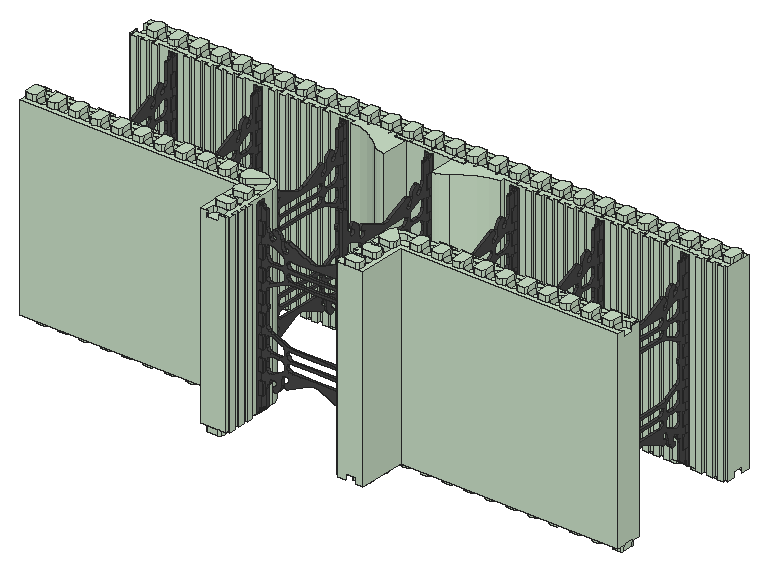
Revit family
Reference planes (in)
  plane 1 "Center (Front/Back)": y = -2
  plane 2: z = 0
  plane 3 "Center (Left/Right)": x = 2
  plane 4: y = 3
  plane 5: y = -7
  plane 6: x = 7
  plane 7: x = -3
  plane 8: z = 18
Forms (in)
  Extrusion 1, solid, material "NUDURA Expanded Polystyrene Foam Insulation"
    sketch origin (0, 0, 0) x (1, 0, 0) y (0, 1, 0)
      loop
        arc (-3.25, -8.49998) -> (-3.61612, -7.6161) -> (-4.5, -7.24998) r 1.25
        line (-4.5, -7.24998) -> (-7.28117, -7.24998) -> (-7.21883, -6.99998) -> (-7.78117, -6.99998) -> (-7.71883, -7.24998) -> (-8.28117, -7.24998) -> (-8.21883, -6.99998) -> (-8.78117, -6.99998) -> (-8.71883, -7.24998) -> (-9.28117, -7.24998) -> (-9.21883, -6.99998) -> (-9.78117, -6.99998) -> (-9.71883, -7.24998) -> (-10.28117, -7.24998) -> (-10.21883, -6.99998) -> (-10.78117, -6.99998) -> (-10.71883, -7.24998) -> (-11.2818, -7.24998) -> (-11.21947, -6.99998) -> (-11.7818, -6.99998) -> (-11.71947, -7.24998) -> (-12.2818, -7.24998) -> (-12.21947, -6.99998) -> (-12.7818, -6.99998) -> (-12.71947, -7.24998) -> (-15.28116, -7.24998) -> (-15.21883, -6.99998) -> (-15.78116, -6.99998) -> (-15.71883, -7.24998) -> (-16.28116, -7.24998) -> (-16.21883, -6.99998) -> (-16.78116, -6.99998) -> (-16.71883, -7.24998) -> (-17.28116, -7.24998) -> (-17.21883, -6.99998) -> (-17.78116, -6.99998) -> (-17.71883, -7.24998) -> (-18.28179, -7.24998) -> (-18.21946, -6.99998) -> (-18.78179, -6.99998) -> (-18.71946, -7.24998) -> (-19.28179, -7.24998) -> (-19.21946, -6.99998) -> (-19.78179, -6.99998) -> (-19.71946, -7.24998) -> (-20.28179, -7.24998) -> (-20.21946, -6.99998) -> (-20.78179, -6.99998) -> (-20.71946, -7.24998) -> (-23.28115, -7.24998) -> (-23.21882, -6.99998) -> (-23.78115, -6.99998) -> (-23.71882, -7.24998) -> (-24.28115, -7.24998) -> (-24.21882, -6.99998) -> (-24.78115, -6.99998) -> (-24.71882, -7.24998) -> (-25.28115, -7.24998) -> (-25.21882, -6.99998) -> (-25.78115, -6.99998) -> (-25.71882, -7.24998) -> (-26, -7.24998) -> (-26, -9.62244) -> (-5.625, -9.62244) -> (-5.625, -13.99744) -> (-3.25, -13.99744) -> (-3.25, -13.71882) -> (-3, -13.78115) -> (-3, -13.21882) -> (-3.25, -13.28115) -> (-3.25, -12.71882) -> (-3, -12.78115) -> (-3, -12.21882) -> (-3.25, -12.28115) -> (-3.25, -11.71882) -> (-3, -11.78115) -> (-3, -11.21882) -> (-3.25, -11.28115) -> (-3.25, -8.49998)
      loop
        line (9, 2.875) -> (9, 3.25) -> (11.28117, 3.25) -> (11.21883, 3) -> (11.78117, 3) -> (11.71883, 3.25) -> (12.28117, 3.25) -> (12.21883, 3) -> (12.78117, 3) -> (12.71883, 3.25) -> (13.28117, 3.25) -> (13.21883, 3) -> (13.78117, 3) -> (13.71883, 3.25) -> (14.28053, 3.25) -> (14.2182, 3) -> (14.78053, 3) -> (14.7182, 3.25) -> (15.28053, 3.25) -> (15.2182, 3) -> (15.78053, 3) -> (15.7182, 3.25) -> (16.28053, 3.25) -> (16.2182, 3) -> (16.78053, 3) -> (16.7182, 3.25) -> (19.28116, 3.25) -> (19.21883, 3) -> (19.78116, 3) -> (19.71883, 3.25) -> (20.28116, 3.25) -> (20.21883, 3) -> (20.78116, 3) -> (20.71883, 3.25) -> (21.28116, 3.25) -> (21.21883, 3) -> (21.78116, 3) -> (21.71883, 3.25) -> (22.28053, 3.25) -> (22.21819, 3) -> (22.78053, 3) -> (22.71819, 3.25) -> (23.28053, 3.25) -> (23.21819, 3) -> (23.78053, 3) -> (23.71819, 3.25) -> (24.28053, 3.25) -> (24.21819, 3) -> (24.78053, 3) -> (24.71819, 3.25) -> (27.28115, 3.25) -> (27.21882, 3) -> (27.78115, 3) -> (27.71882, 3.25) -> (28.28115, 3.25) -> (28.21882, 3) -> (28.78115, 3) -> (28.71882, 3.25) -> (29.28115, 3.25) -> (29.21882, 3) -> (29.78115, 3) -> (29.71882, 3.25) -> (30, 3.25) -> (30, 5.62754) -> (5.25, 5.62754) -> (5.25, 5.17633) -> (5, 5.24332) -> (5, 4.63633) -> (5.25, 4.69867) -> (5.25, 4.17633) -> (5, 4.24332) -> (5, 3.63633) -> (5.25, 3.69867) -> (5.25, 3.25) -> (4.21883, 3.25) -> (4.21883, 0.75162)
        arc (4.21883, 0.75162) -> (4.91296, 0.90605) -> (5.50918, 1.29358) r 2
        arc (5.50918, 1.29358) -> (7.12304, 2.37468) -> (9, 2.875) r 5.91797
      loop
        line (-0.21883, 0.75162) -> (-0.21883, 3.25) -> (-1.25, 3.25) -> (-1.25, 3.69867) -> (-1, 3.63633) -> (-1, 4.24332) -> (-1.25, 4.17633) -> (-1.25, 4.69867) -> (-1, 4.63633) -> (-1, 5.24332) -> (-1.25, 5.17633) -> (-1.25, 5.62754) -> (-26, 5.62754) -> (-26, 3.25) -> (-25.71882, 3.25) -> (-25.78115, 3) -> (-25.21882, 3) -> (-25.28115, 3.25) -> (-24.71882, 3.25) -> (-24.78115, 3) -> (-24.21882, 3) -> (-24.28115, 3.25) -> (-23.71882, 3.25) -> (-23.78115, 3) -> (-23.21882, 3) -> (-23.28115, 3.25) -> (-20.71819, 3.25) -> (-20.78053, 3) -> (-20.21819, 3) -> (-20.28053, 3.25) -> (-19.71819, 3.25) -> (-19.78053, 3) -> (-19.21819, 3) -> (-19.28053, 3.25) -> (-18.71819, 3.25) -> (-18.78053, 3) -> (-18.21819, 3) -> (-18.28053, 3.25) -> (-17.71883, 3.25) -> (-17.78116, 3) -> (-17.21883, 3) -> (-17.28116, 3.25) -> (-16.71883, 3.25) -> (-16.78116, 3) -> (-16.21883, 3) -> (-16.28116, 3.25) -> (-15.71883, 3.25) -> (-15.78116, 3) -> (-15.21883, 3) -> (-15.28116, 3.25) -> (-12.7182, 3.25) -> (-12.78053, 3) -> (-12.2182, 3) -> (-12.28053, 3.25) -> (-11.7182, 3.25) -> (-11.78053, 3) -> (-11.2182, 3) -> (-11.28053, 3.25) -> (-10.7182, 3.25) -> (-10.78053, 3) -> (-10.2182, 3) -> (-10.28053, 3.25) -> (-9.71883, 3.25) -> (-9.78117, 3) -> (-9.21883, 3) -> (-9.28117, 3.25) -> (-8.71883, 3.25) -> (-8.78117, 3) -> (-8.21883, 3) -> (-8.28117, 3.25) -> (-7.71883, 3.25) -> (-7.78117, 3) -> (-7.21883, 3) -> (-7.28117, 3.25) -> (-5, 3.25) -> (-5, 2.875)
        arc (-5, 2.875) -> (-3.12304, 2.37468) -> (-1.50918, 1.29358) r 5.91797
        arc (-1.50918, 1.29358) -> (-0.91296, 0.90605) -> (-0.21883, 0.75162) r 2
      loop
        line (7.25, -8.49998) -> (7.25, -11.28115) -> (7, -11.21882) -> (7, -11.78115) -> (7.25, -11.71882) -> (7.25, -12.28115) -> (7, -12.21882) -> (7, -12.78115) -> (7.25, -12.71882) -> (7.25, -13.28115) -> (7, -13.21882) -> (7, -13.78115) -> (7.25, -13.71882) -> (7.25, -13.99998) -> (9.625, -13.99998) -> (9.625, -9.62244) -> (30, -9.62244) -> (30, -7.24998) -> (29.71882, -7.24998) -> (29.78115, -6.99998) -> (29.21882, -6.99998) -> (29.28115, -7.24998) -> (28.71882, -7.24998) -> (28.78115, -6.99998) -> (28.21882, -6.99998) -> (28.28115, -7.24998) -> (27.71882, -7.24998) -> (27.78115, -6.99998) -> (27.21882, -6.99998) -> (27.28115, -7.24998) -> (24.71946, -7.24998) -> (24.78179, -6.99998) -> (24.21946, -6.99998) -> (24.28179, -7.24998) -> (23.71946, -7.24998) -> (23.78179, -6.99998) -> (23.21946, -6.99998) -> (23.28179, -7.24998) -> (22.71946, -7.24998) -> (22.78179, -6.99998) -> (22.21946, -6.99998) -> (22.28179, -7.24998) -> (21.71883, -7.24998) -> (21.78116, -6.99998) -> (21.21883, -6.99998) -> (21.28116, -7.24998) -> (20.71883, -7.24998) -> (20.78116, -6.99998) -> (20.21883, -6.99998) -> (20.28116, -7.24998) -> (19.71883, -7.24998) -> (19.78116, -6.99998) -> (19.21883, -6.99998) -> (19.28116, -7.24998) -> (16.71947, -7.24998) -> (16.7818, -6.99998) -> (16.21947, -6.99998) -> (16.2818, -7.24998) -> (15.71947, -7.24998) -> (15.7818, -6.99998) -> (15.21947, -6.99998) -> (15.2818, -7.24998) -> (14.71947, -7.24998) -> (14.7818, -6.99998) -> (14.21947, -6.99998) -> (14.2818, -7.24998) -> (13.71883, -7.24998) -> (13.78117, -6.99998) -> (13.21883, -6.99998) -> (13.28117, -7.24998) -> (12.71883, -7.24998) -> (12.78117, -6.99998) -> (12.21883, -6.99998) -> (12.28117, -7.24998) -> (11.71883, -7.24998) -> (11.78117, -6.99998) -> (11.21883, -6.99998) -> (11.28117, -7.24998) -> (8.5, -7.24998)
        arc (8.5, -7.24998) -> (7.61612, -7.6161) -> (7.25, -8.49998) r 1.25
    from 0 to 18
  Extrusion 2, void
    sketch origin (0, 12, 0) x (1, 0, 0) y (0, 1, 0)
      loop
        arc (-5.13595, -25.17306) -> (-5.1875, -25.49998) -> (-5.13595, -25.8269) r 1.0625
        arc (-5.13595, -25.8269) -> (-5.0592, -25.94114) -> (-4.93362, -25.99744) r 0.25
        line (-4.93362, -25.99744) -> (-3.94138, -25.99744)
        arc (-3.94138, -25.99744) -> (-3.86932, -25.97564) -> (-3.80702, -25.93338) r 0.25
        arc (-3.80702, -25.93338) -> (-3.78736, -25.92104) -> (-3.76455, -25.91673) r 0.0625
        line (-3.76455, -25.91673) -> (-3.41845, -25.91673) -> (-3.41845, -25.7459) -> (-3.64005, -25.7459)
        arc (-3.64005, -25.7459) -> (-3.68771, -25.72383) -> (-3.70172, -25.67321) r 0.0625
        arc (-3.70172, -25.67321) -> (-3.69045, -25.4209) -> (-3.73905, -25.17306) r 1.0625
        arc (-3.73905, -25.17306) -> (-3.82983, -25.04783) -> (-3.97692, -24.99998) r 0.25
        line (-3.97692, -24.99998) -> (-4.89808, -24.99998)
        arc (-4.89808, -24.99998) -> (-5.04517, -25.04783) -> (-5.13595, -25.17306) r 0.25
    from 18 to 17.5
  Extrusion 3, void
    sketch origin (0, 14, 0) x (1, 0, 0) y (0, 1, 0)
      loop
        arc (-5.13595, -25.17306) -> (-5.1875, -25.49998) -> (-5.13595, -25.8269) r 1.0625
        arc (-5.13595, -25.8269) -> (-5.04517, -25.95213) -> (-4.89808, -25.99998) r 0.25
        line (-4.89808, -25.99998) -> (-3.97692, -25.99998)
        arc (-3.97692, -25.99998) -> (-3.88568, -25.98274) -> (-3.80702, -25.93338) r 0.25
        arc (-3.80702, -25.93338) -> (-3.78736, -25.92104) -> (-3.76455, -25.91673) r 0.0625
        line (-3.76455, -25.91673) -> (-3.41845, -25.91673) -> (-3.41845, -25.7459) -> (-3.64005, -25.7459)
        arc (-3.64005, -25.7459) -> (-3.68771, -25.72383) -> (-3.70172, -25.67321) r 0.0625
        arc (-3.70172, -25.67321) -> (-3.69045, -25.4209) -> (-3.73905, -25.17306) r 1.0625
        arc (-3.73905, -25.17306) -> (-3.82983, -25.04783) -> (-3.97692, -24.99998) r 0.25
        line (-3.97692, -24.99998) -> (-4.89808, -24.99998)
        arc (-4.89808, -24.99998) -> (-5.04517, -25.04783) -> (-5.13595, -25.17306) r 0.25
    from 18 to 17.5
  Extrusion 4, void
    sketch origin (0, -4, 0) x (1, 0, 0) y (0, 1, 0)
      loop
        line (-5.1875, -5.18748) -> (-5.1875, -5.49998)
        arc (-5.1875, -5.49998) -> (-5.17453, -5.66546) -> (-5.13595, -5.8269) r 1.0625
        arc (-5.13595, -5.8269) -> (-5.04517, -5.95213) -> (-4.89808, -5.99998) r 0.25
        line (-4.89808, -5.99998) -> (-3.97692, -5.99998)
        arc (-3.97692, -5.99998) -> (-3.88568, -5.98274) -> (-3.80702, -5.93338) r 0.25
        arc (-3.80702, -5.93338) -> (-3.78736, -5.92104) -> (-3.76455, -5.91673) r 0.0625
        line (-3.76455, -5.91673) -> (-3.41845, -5.91673) -> (-3.41845, -5.7459) -> (-3.64005, -5.7459)
        arc (-3.64005, -5.7459) -> (-3.68771, -5.72383) -> (-3.70172, -5.67321) r 0.0625
        arc (-3.70172, -5.67321) -> (-3.69106, -5.58689) -> (-3.6875, -5.49998) r 1.0625
        line (-3.6875, -5.49998) -> (-3.6875, -4.68748)
        arc (-3.6875, -4.68748) -> (-3.76362, -4.3048) -> (-3.98039, -3.98037) r 1
        line (-3.98039, -3.98037) -> (-5.1875, -5.18748)
    from 18 to 17.5
  Extrusion 5, void
    sketch origin (-31.99998, -3.99998, 0) x (0, 1, 0) y (-1, 0, 0)
      loop
        arc (-5.13595, -25.17306) -> (-5.1875, -25.49998) -> (-5.13595, -25.8269) r 1.0625
        arc (-5.13595, -25.8269) -> (-5.04517, -25.95213) -> (-4.89808, -25.99998) r 0.25
        line (-4.89808, -25.99998) -> (-3.97692, -25.99998)
        arc (-3.97692, -25.99998) -> (-3.88568, -25.98274) -> (-3.80702, -25.93338) r 0.25
        arc (-3.80702, -25.93338) -> (-3.78736, -25.92104) -> (-3.76455, -25.91673) r 0.0625
        line (-3.76455, -25.91673) -> (-3.41845, -25.91673) -> (-3.41845, -25.7459) -> (-3.64005, -25.7459)
        arc (-3.64005, -25.7459) -> (-3.68771, -25.72383) -> (-3.70172, -25.67321) r 0.0625
        arc (-3.70172, -25.67321) -> (-3.69045, -25.4209) -> (-3.73905, -25.17306) r 1.0625
        arc (-3.73905, -25.17306) -> (-3.82983, -25.04783) -> (-3.97692, -24.99998) r 0.25
        line (-3.97692, -24.99998) -> (-4.89808, -24.99998)
        arc (-4.89808, -24.99998) -> (-5.04517, -25.04783) -> (-5.13595, -25.17306) r 0.25
    from 18 to 17.5
  Extrusion 6, void
    sketch origin (-33.99998, -3.99998, 0) x (0, 1, 0) y (-1, 0, 0)
      loop
        arc (-5.13595, -25.17306) -> (-5.1875, -25.49998) -> (-5.13595, -25.8269) r 1.0625
        arc (-5.13595, -25.8269) -> (-5.04517, -25.95213) -> (-4.89808, -25.99998) r 0.25
        line (-4.89808, -25.99998) -> (-3.97692, -25.99998)
        arc (-3.97692, -25.99998) -> (-3.88568, -25.98274) -> (-3.80702, -25.93338) r 0.25
        arc (-3.80702, -25.93338) -> (-3.78736, -25.92104) -> (-3.76455, -25.91673) r 0.0625
        line (-3.76455, -25.91673) -> (-3.41845, -25.91673) -> (-3.41845, -25.7459) -> (-3.64005, -25.7459)
        arc (-3.64005, -25.7459) -> (-3.68771, -25.72383) -> (-3.70172, -25.67321) r 0.0625
        arc (-3.70172, -25.67321) -> (-3.69045, -25.4209) -> (-3.73905, -25.17306) r 1.0625
        arc (-3.73905, -25.17306) -> (-3.82983, -25.04783) -> (-3.97692, -24.99998) r 0.25
        line (-3.97692, -24.99998) -> (-4.89808, -24.99998)
        arc (-4.89808, -24.99998) -> (-5.04517, -25.04783) -> (-5.13595, -25.17306) r 0.25
    from 18 to 17.5
  Extrusion 7, void
    sketch origin (0, -37.99996, 0) x (1, 0, 0) y (0, 1, 0)
      loop
        arc (-5.13595, 25.17306) -> (-5.04517, 25.04783) -> (-4.89808, 24.99998) r 0.25
        line (-4.89808, 24.99998) -> (-3.97692, 24.99998)
        arc (-3.97692, 24.99998) -> (-3.82983, 25.04783) -> (-3.73905, 25.17306) r 0.25
        arc (-3.73905, 25.17306) -> (-3.69045, 25.4209) -> (-3.70172, 25.67321) r 1.0625
        arc (-3.70172, 25.67321) -> (-3.68771, 25.72383) -> (-3.64005, 25.7459) r 0.0625
        line (-3.64005, 25.7459) -> (-3.41845, 25.7459) -> (-3.41845, 25.91673) -> (-3.76455, 25.91673)
        arc (-3.76455, 25.91673) -> (-3.78736, 25.92104) -> (-3.80702, 25.93338) r 0.0625
        arc (-3.80702, 25.93338) -> (-3.88568, 25.98274) -> (-3.97692, 25.99998) r 0.25
        line (-3.97692, 25.99998) -> (-4.89808, 25.99998)
        arc (-4.89808, 25.99998) -> (-5.04517, 25.95213) -> (-5.13595, 25.8269) r 0.25
        arc (-5.13595, 25.8269) -> (-5.1875, 25.49998) -> (-5.13595, 25.17306) r 1.0625
    from 0 to 0.5
  Extrusion 8, void
    sketch origin (0, -35.99996, 0) x (1, 0, 0) y (0, 1, 0)
      loop
        arc (-5.13595, 25.17306) -> (-5.04517, 25.04783) -> (-4.89808, 24.99998) r 0.25
        line (-4.89808, 24.99998) -> (-3.97692, 24.99998)
        arc (-3.97692, 24.99998) -> (-3.82983, 25.04783) -> (-3.73905, 25.17306) r 0.25
        arc (-3.73905, 25.17306) -> (-3.69045, 25.4209) -> (-3.70172, 25.67321) r 1.0625
        arc (-3.70172, 25.67321) -> (-3.68771, 25.72383) -> (-3.64005, 25.7459) r 0.0625
        line (-3.64005, 25.7459) -> (-3.41845, 25.7459) -> (-3.41845, 25.91673) -> (-3.76455, 25.91673)
        arc (-3.76455, 25.91673) -> (-3.78736, 25.92104) -> (-3.80702, 25.93338) r 0.0625
        arc (-3.80702, 25.93338) -> (-3.88568, 25.98274) -> (-3.97692, 25.99998) r 0.25
        line (-3.97692, 25.99998) -> (-4.89808, 25.99998)
        arc (-4.89808, 25.99998) -> (-5.04517, 25.95213) -> (-5.13595, 25.8269) r 0.25
        arc (-5.13595, 25.8269) -> (-5.1875, 25.49998) -> (-5.13595, 25.17306) r 1.0625
    from 0 to 0.5
  Extrusion 9, void
    sketch origin (-0.00002, -3.99998, 0) x (0, 1, 0) y (-1, 0, 0)
      loop
        line (-5.1875, 5.18748) -> (-3.98039, 3.98037)
        arc (-3.98039, 3.98037) -> (-3.76362, 4.3048) -> (-3.6875, 4.68748) r 1
        line (-3.6875, 4.68748) -> (-3.6875, 5.49998)
        arc (-3.6875, 5.49998) -> (-3.69106, 5.58689) -> (-3.70172, 5.67321) r 1.0625
        arc (-3.70172, 5.67321) -> (-3.68771, 5.72383) -> (-3.64005, 5.7459) r 0.0625
        line (-3.64005, 5.7459) -> (-3.41845, 5.7459) -> (-3.41845, 5.91673) -> (-3.76455, 5.91673)
        arc (-3.76455, 5.91673) -> (-3.78736, 5.92104) -> (-3.80702, 5.93338) r 0.0625
        arc (-3.80702, 5.93338) -> (-3.88568, 5.98274) -> (-3.97692, 5.99998) r 0.25
        line (-3.97692, 5.99998) -> (-4.89808, 5.99998)
        arc (-4.89808, 5.99998) -> (-5.04517, 5.95213) -> (-5.13595, 5.8269) r 0.25
        arc (-5.13595, 5.8269) -> (-5.17453, 5.66546) -> (-5.1875, 5.49998) r 1.0625
        line (-5.1875, 5.49998) -> (-5.1875, 5.18748)
    from 0 to 0.5
  Extrusion 10, void
    sketch origin (17.99998, -3.99998, 0) x (0, 1, 0) y (-1, 0, 0)
      loop
        arc (-5.13595, 25.17306) -> (-5.04517, 25.04783) -> (-4.89808, 24.99998) r 0.25
        line (-4.89808, 24.99998) -> (-3.97692, 24.99998)
        arc (-3.97692, 24.99998) -> (-3.82983, 25.04783) -> (-3.73905, 25.17306) r 0.25
        arc (-3.73905, 25.17306) -> (-3.69045, 25.4209) -> (-3.70172, 25.67321) r 1.0625
        arc (-3.70172, 25.67321) -> (-3.68771, 25.72383) -> (-3.64005, 25.7459) r 0.0625
        line (-3.64005, 25.7459) -> (-3.41845, 25.7459) -> (-3.41845, 25.91673) -> (-3.76455, 25.91673)
        arc (-3.76455, 25.91673) -> (-3.78736, 25.92104) -> (-3.80702, 25.93338) r 0.0625
        arc (-3.80702, 25.93338) -> (-3.88568, 25.98274) -> (-3.97692, 25.99998) r 0.25
        line (-3.97692, 25.99998) -> (-4.89808, 25.99998)
        arc (-4.89808, 25.99998) -> (-5.04517, 25.95213) -> (-5.13595, 25.8269) r 0.25
        arc (-5.13595, 25.8269) -> (-5.1875, 25.49998) -> (-5.13595, 25.17306) r 1.0625
    from 0 to 0.5
  Extrusion 11, void
    sketch origin (15.99998, -3.99998, 0) x (0, 1, 0) y (-1, 0, 0)
      loop
        arc (-5.13595, 25.17306) -> (-5.04517, 25.04783) -> (-4.89808, 24.99998) r 0.25
        line (-4.89808, 24.99998) -> (-3.97692, 24.99998)
        arc (-3.97692, 24.99998) -> (-3.82983, 25.04783) -> (-3.73905, 25.17306) r 0.25
        arc (-3.73905, 25.17306) -> (-3.69045, 25.4209) -> (-3.70172, 25.67321) r 1.0625
        arc (-3.70172, 25.67321) -> (-3.68771, 25.72383) -> (-3.64005, 25.7459) r 0.0625
        line (-3.64005, 25.7459) -> (-3.41845, 25.7459) -> (-3.41845, 25.91673) -> (-3.76455, 25.91673)
        arc (-3.76455, 25.91673) -> (-3.78736, 25.92104) -> (-3.80702, 25.93338) r 0.0625
        arc (-3.80702, 25.93338) -> (-3.88568, 25.98274) -> (-3.97692, 25.99998) r 0.25
        line (-3.97692, 25.99998) -> (-4.89808, 25.99998)
        arc (-4.89808, 25.99998) -> (-5.04517, 25.95213) -> (-5.13595, 25.8269) r 0.25
        arc (-5.13595, 25.8269) -> (-5.1875, 25.49998) -> (-5.13595, 25.17306) r 1.0625
    from 0 to 0.5
  Extrusion 12, void
    sketch origin (4, -37.99996, 0) x (-1, 0, 0) y (0, -1, 0)
      loop
        arc (-5.13595, -25.17306) -> (-5.1875, -25.49998) -> (-5.13595, -25.8269) r 1.0625
        arc (-5.13595, -25.8269) -> (-5.04517, -25.95213) -> (-4.89808, -25.99998) r 0.25
        line (-4.89808, -25.99998) -> (-3.97692, -25.99998)
        arc (-3.97692, -25.99998) -> (-3.88568, -25.98274) -> (-3.80702, -25.93338) r 0.25
        arc (-3.80702, -25.93338) -> (-3.78736, -25.92104) -> (-3.76455, -25.91673) r 0.0625
        line (-3.76455, -25.91673) -> (-3.41845, -25.91673) -> (-3.41845, -25.7459) -> (-3.64005, -25.7459)
        arc (-3.64005, -25.7459) -> (-3.68771, -25.72383) -> (-3.70172, -25.67321) r 0.0625
        arc (-3.70172, -25.67321) -> (-3.69045, -25.4209) -> (-3.73905, -25.17306) r 1.0625
        arc (-3.73905, -25.17306) -> (-3.82983, -25.04783) -> (-3.97692, -24.99998) r 0.25
        line (-3.97692, -24.99998) -> (-4.89808, -24.99998)
        arc (-4.89808, -24.99998) -> (-5.04517, -25.04783) -> (-5.13595, -25.17306) r 0.25
    from 18 to 17.5
  Extrusion 13, void
    sketch origin (4, -35.99996, 0) x (-1, 0, 0) y (0, -1, 0)
      loop
        arc (-5.13595, -25.17306) -> (-5.1875, -25.49998) -> (-5.13595, -25.8269) r 1.0625
        arc (-5.13595, -25.8269) -> (-5.04517, -25.95213) -> (-4.89808, -25.99998) r 0.25
        line (-4.89808, -25.99998) -> (-3.97692, -25.99998)
        arc (-3.97692, -25.99998) -> (-3.88568, -25.98274) -> (-3.80702, -25.93338) r 0.25
        arc (-3.80702, -25.93338) -> (-3.78736, -25.92104) -> (-3.76455, -25.91673) r 0.0625
        line (-3.76455, -25.91673) -> (-3.41845, -25.91673) -> (-3.41845, -25.7459) -> (-3.64005, -25.7459)
        arc (-3.64005, -25.7459) -> (-3.68771, -25.72383) -> (-3.70172, -25.67321) r 0.0625
        arc (-3.70172, -25.67321) -> (-3.69045, -25.4209) -> (-3.73905, -25.17306) r 1.0625
        arc (-3.73905, -25.17306) -> (-3.82983, -25.04783) -> (-3.97692, -24.99998) r 0.25
        line (-3.97692, -24.99998) -> (-4.89808, -24.99998)
        arc (-4.89808, -24.99998) -> (-5.04517, -25.04783) -> (-5.13595, -25.17306) r 0.25
    from 18 to 17.5
  Extrusion 14, void
    sketch origin (-13.99998, -3.99998, 0) x (0, 1, 0) y (-1, 0, 0)
      loop
        arc (-5.13595, -25.17306) -> (-5.1875, -25.49998) -> (-5.13595, -25.8269) r 1.0625
        arc (-5.13595, -25.8269) -> (-5.04517, -25.95213) -> (-4.89808, -25.99998) r 0.25
        line (-4.89808, -25.99998) -> (-3.97692, -25.99998)
        arc (-3.97692, -25.99998) -> (-3.88568, -25.98274) -> (-3.80702, -25.93338) r 0.25
        arc (-3.80702, -25.93338) -> (-3.78736, -25.92104) -> (-3.76455, -25.91673) r 0.0625
        line (-3.76455, -25.91673) -> (-3.41845, -25.91673) -> (-3.41845, -25.7459) -> (-3.64005, -25.7459)
        arc (-3.64005, -25.7459) -> (-3.68771, -25.72383) -> (-3.70172, -25.67321) r 0.0625
        arc (-3.70172, -25.67321) -> (-3.69045, -25.4209) -> (-3.73905, -25.17306) r 1.0625
        arc (-3.73905, -25.17306) -> (-3.82983, -25.04783) -> (-3.97692, -24.99998) r 0.25
        line (-3.97692, -24.99998) -> (-4.89808, -24.99998)
        arc (-4.89808, -24.99998) -> (-5.04517, -25.04783) -> (-5.13595, -25.17306) r 0.25
    from 18 to 17.5
  Extrusion 15, void
    sketch origin (-11.99998, -3.99998, 0) x (0, 1, 0) y (-1, 0, 0)
      loop
        arc (-5.13595, -25.17306) -> (-5.1875, -25.49998) -> (-5.13595, -25.8269) r 1.0625
        arc (-5.13595, -25.8269) -> (-5.04517, -25.95213) -> (-4.89808, -25.99998) r 0.25
        line (-4.89808, -25.99998) -> (-3.97692, -25.99998)
        arc (-3.97692, -25.99998) -> (-3.88568, -25.98274) -> (-3.80702, -25.93338) r 0.25
        arc (-3.80702, -25.93338) -> (-3.78736, -25.92104) -> (-3.76455, -25.91673) r 0.0625
        line (-3.76455, -25.91673) -> (-3.41845, -25.91673) -> (-3.41845, -25.7459) -> (-3.64005, -25.7459)
        arc (-3.64005, -25.7459) -> (-3.68771, -25.72383) -> (-3.70172, -25.67321) r 0.0625
        arc (-3.70172, -25.67321) -> (-3.69045, -25.4209) -> (-3.73905, -25.17306) r 1.0625
        arc (-3.73905, -25.17306) -> (-3.82983, -25.04783) -> (-3.97692, -24.99998) r 0.25
        line (-3.97692, -24.99998) -> (-4.89808, -24.99998)
        arc (-4.89808, -24.99998) -> (-5.04517, -25.04783) -> (-5.13595, -25.17306) r 0.25
    from 18 to 17.5
  Extrusion 16, void
    sketch origin (4, -4, 0) x (1, 0, 0) y (0, 1, 0)
      loop
        arc (5.67323, -3.7017) -> (5.58691, -3.69104) -> (5.5, -3.68748) r 1.0625
        line (5.5, -3.68748) -> (4.6875, -3.68748)
        arc (4.6875, -3.68748) -> (4.30482, -3.7636) -> (3.98039, -3.98037) r 1
        line (3.98039, -3.98037) -> (5.1875, -5.18748) -> (5.5, -5.18748)
        arc (5.5, -5.18748) -> (5.66548, -5.17452) -> (5.82692, -5.13593) r 1.0625
        arc (5.82692, -5.13593) -> (5.95215, -5.04515) -> (6, -4.89806) r 0.25
        line (6, -4.89806) -> (6, -3.9769)
        arc (6, -3.9769) -> (5.98276, -3.88566) -> (5.9334, -3.807) r 0.25
        arc (5.9334, -3.807) -> (5.92106, -3.78734) -> (5.91675, -3.76453) r 0.0625
        line (5.91675, -3.76453) -> (5.91675, -3.41844) -> (5.74592, -3.41844) -> (5.74592, -3.64003)
        arc (5.74592, -3.64003) -> (5.72385, -3.68769) -> (5.67323, -3.7017) r 0.0625
    from 18 to 17.5
  Extrusion 17, void
    sketch origin (4, 12, 0) x (-1, 0, 0) y (0, -1, 0)
      loop
        arc (-5.13595, 25.17306) -> (-5.04517, 25.04783) -> (-4.89808, 24.99998) r 0.25
        line (-4.89808, 24.99998) -> (-3.97692, 24.99998)
        arc (-3.97692, 24.99998) -> (-3.82983, 25.04783) -> (-3.73905, 25.17306) r 0.25
        arc (-3.73905, 25.17306) -> (-3.69045, 25.4209) -> (-3.70172, 25.67321) r 1.0625
        arc (-3.70172, 25.67321) -> (-3.68771, 25.72383) -> (-3.64005, 25.7459) r 0.0625
        line (-3.64005, 25.7459) -> (-3.41845, 25.7459) -> (-3.41845, 25.91673) -> (-3.76455, 25.91673)
        arc (-3.76455, 25.91673) -> (-3.78736, 25.92104) -> (-3.80702, 25.93338) r 0.0625
        arc (-3.80702, 25.93338) -> (-3.88568, 25.98274) -> (-3.97692, 25.99998) r 0.25
        line (-3.97692, 25.99998) -> (-4.89808, 25.99998)
        arc (-4.89808, 25.99998) -> (-5.04517, 25.95213) -> (-5.13595, 25.8269) r 0.25
        arc (-5.13595, 25.8269) -> (-5.1875, 25.49998) -> (-5.13595, 25.17306) r 1.0625
    from 0 to 0.5
  Extrusion 18, void
    sketch origin (4, 14, 0) x (-1, 0, 0) y (0, -1, 0)
      loop
        arc (-5.13595, 25.17306) -> (-5.04517, 25.04783) -> (-4.89808, 24.99998) r 0.25
        line (-4.89808, 24.99998) -> (-3.97692, 24.99998)
        arc (-3.97692, 24.99998) -> (-3.82983, 25.04783) -> (-3.73905, 25.17306) r 0.25
        arc (-3.73905, 25.17306) -> (-3.69045, 25.4209) -> (-3.70172, 25.67321) r 1.0625
        arc (-3.70172, 25.67321) -> (-3.68771, 25.72383) -> (-3.64005, 25.7459) r 0.0625
        line (-3.64005, 25.7459) -> (-3.41845, 25.7459) -> (-3.41845, 25.91673) -> (-3.76455, 25.91673)
        arc (-3.76455, 25.91673) -> (-3.78736, 25.92104) -> (-3.80702, 25.93338) r 0.0625
        arc (-3.80702, 25.93338) -> (-3.88568, 25.98274) -> (-3.97692, 25.99998) r 0.25
        line (-3.97692, 25.99998) -> (-4.89808, 25.99998)
        arc (-4.89808, 25.99998) -> (-5.04517, 25.95213) -> (-5.13595, 25.8269) r 0.25
        arc (-5.13595, 25.8269) -> (-5.1875, 25.49998) -> (-5.13595, 25.17306) r 1.0625
    from 0 to 0.5
  Extrusion 19, void
    sketch origin (4.00002, -3.99998, 0) x (0, -1, 0) y (1, 0, 0)
      loop
        arc (5.67323, 3.7017) -> (5.72385, 3.68769) -> (5.74592, 3.64003) r 0.0625
        line (5.74592, 3.64003) -> (5.74592, 3.41844) -> (5.91675, 3.41844) -> (5.91675, 3.76453)
        arc (5.91675, 3.76453) -> (5.92106, 3.78734) -> (5.9334, 3.807) r 0.0625
        arc (5.9334, 3.807) -> (5.98276, 3.88566) -> (6, 3.9769) r 0.25
        line (6, 3.9769) -> (6, 4.89806)
        arc (6, 4.89806) -> (5.95215, 5.04515) -> (5.82692, 5.13593) r 0.25
        arc (5.82692, 5.13593) -> (5.66548, 5.17452) -> (5.5, 5.18748) r 1.0625
        line (5.5, 5.18748) -> (5.1875, 5.18748) -> (3.98039, 3.98037)
        arc (3.98039, 3.98037) -> (4.30482, 3.7636) -> (4.6875, 3.68748) r 1
        line (4.6875, 3.68748) -> (5.5, 3.68748)
        arc (5.5, 3.68748) -> (5.58691, 3.69104) -> (5.67323, 3.7017) r 1.0625
    from 0 to 0.5
  Extrusion 20, void
    sketch origin (35.99998, -3.99998, 0) x (0, 1, 0) y (-1, 0, 0)
      loop
        arc (-5.13595, 25.17306) -> (-5.04517, 25.04783) -> (-4.89808, 24.99998) r 0.25
        line (-4.89808, 24.99998) -> (-3.97692, 24.99998)
        arc (-3.97692, 24.99998) -> (-3.82983, 25.04783) -> (-3.73905, 25.17306) r 0.25
        arc (-3.73905, 25.17306) -> (-3.69045, 25.4209) -> (-3.70172, 25.67321) r 1.0625
        arc (-3.70172, 25.67321) -> (-3.68771, 25.72383) -> (-3.64005, 25.7459) r 0.0625
        line (-3.64005, 25.7459) -> (-3.41845, 25.7459) -> (-3.41845, 25.91673) -> (-3.76455, 25.91673)
        arc (-3.76455, 25.91673) -> (-3.78736, 25.92104) -> (-3.80702, 25.93338) r 0.0625
        arc (-3.80702, 25.93338) -> (-3.88568, 25.98274) -> (-3.97692, 25.99998) r 0.25
        line (-3.97692, 25.99998) -> (-4.89808, 25.99998)
        arc (-4.89808, 25.99998) -> (-5.04517, 25.95213) -> (-5.13595, 25.8269) r 0.25
        arc (-5.13595, 25.8269) -> (-5.1875, 25.49998) -> (-5.13595, 25.17306) r 1.0625
    from 0 to 0.5
  Extrusion 21, void
    sketch origin (37.99998, -3.99998, 0) x (0, 1, 0) y (-1, 0, 0)
      loop
        arc (-5.13595, 25.17306) -> (-5.04517, 25.04783) -> (-4.89808, 24.99998) r 0.25
        line (-4.89808, 24.99998) -> (-3.97692, 24.99998)
        arc (-3.97692, 24.99998) -> (-3.82983, 25.04783) -> (-3.73905, 25.17306) r 0.25
        arc (-3.73905, 25.17306) -> (-3.69045, 25.4209) -> (-3.70172, 25.67321) r 1.0625
        arc (-3.70172, 25.67321) -> (-3.68771, 25.72383) -> (-3.64005, 25.7459) r 0.0625
        line (-3.64005, 25.7459) -> (-3.41845, 25.7459) -> (-3.41845, 25.91673) -> (-3.76455, 25.91673)
        arc (-3.76455, 25.91673) -> (-3.78736, 25.92104) -> (-3.80702, 25.93338) r 0.0625
        arc (-3.80702, 25.93338) -> (-3.88568, 25.98274) -> (-3.97692, 25.99998) r 0.25
        line (-3.97692, 25.99998) -> (-4.89808, 25.99998)
        arc (-4.89808, 25.99998) -> (-5.04517, 25.95213) -> (-5.13595, 25.8269) r 0.25
        arc (-5.13595, 25.8269) -> (-5.1875, 25.49998) -> (-5.13595, 25.17306) r 1.0625
    from 0 to 0.5
  Extrusion 22, void
    sketch origin (15.99998, -0.00002, 0) x (0, -1, 0) y (1, 0, 0)
      loop
        arc (-5.13595, -25.17306) -> (-5.1875, -25.49998) -> (-5.13595, -25.8269) r 1.0625
        arc (-5.13595, -25.8269) -> (-5.04517, -25.95213) -> (-4.89808, -25.99998) r 0.25
        line (-4.89808, -25.99998) -> (-3.97692, -25.99998)
        arc (-3.97692, -25.99998) -> (-3.88568, -25.98274) -> (-3.80702, -25.93338) r 0.25
        arc (-3.80702, -25.93338) -> (-3.78736, -25.92104) -> (-3.76455, -25.91673) r 0.0625
        line (-3.76455, -25.91673) -> (-3.41845, -25.91673) -> (-3.41845, -25.7459) -> (-3.64005, -25.7459)
        arc (-3.64005, -25.7459) -> (-3.68771, -25.72383) -> (-3.70172, -25.67321) r 0.0625
        arc (-3.70172, -25.67321) -> (-3.69045, -25.4209) -> (-3.73905, -25.17306) r 1.0625
        arc (-3.73905, -25.17306) -> (-3.82983, -25.04783) -> (-3.97692, -24.99998) r 0.25
        line (-3.97692, -24.99998) -> (-4.89808, -24.99998)
        arc (-4.89808, -24.99998) -> (-5.04517, -25.04783) -> (-5.13595, -25.17306) r 0.25
    from 18 to 17.5
  Extrusion 23, void
    sketch origin (17.99998, -0.00002, 0) x (0, -1, 0) y (1, 0, 0)
      loop
        arc (-5.13595, -25.17306) -> (-5.1875, -25.49998) -> (-5.13595, -25.8269) r 1.0625
        arc (-5.13595, -25.8269) -> (-5.04517, -25.95213) -> (-4.89808, -25.99998) r 0.25
        line (-4.89808, -25.99998) -> (-3.97692, -25.99998)
        arc (-3.97692, -25.99998) -> (-3.88568, -25.98274) -> (-3.80702, -25.93338) r 0.25
        arc (-3.80702, -25.93338) -> (-3.78736, -25.92104) -> (-3.76455, -25.91673) r 0.0625
        line (-3.76455, -25.91673) -> (-3.41845, -25.91673) -> (-3.41845, -25.7459) -> (-3.64005, -25.7459)
        arc (-3.64005, -25.7459) -> (-3.68771, -25.72383) -> (-3.70172, -25.67321) r 0.0625
        arc (-3.70172, -25.67321) -> (-3.69045, -25.4209) -> (-3.73905, -25.17306) r 1.0625
        arc (-3.73905, -25.17306) -> (-3.82983, -25.04783) -> (-3.97692, -24.99998) r 0.25
        line (-3.97692, -24.99998) -> (-4.89808, -24.99998)
        arc (-4.89808, -24.99998) -> (-5.04517, -25.04783) -> (-5.13595, -25.17306) r 0.25
    from 18 to 17.5
  Extrusion 24, void
    sketch origin (19.99998, -0.00002, 0) x (0, -1, 0) y (1, 0, 0)
      loop
        arc (-5.13595, -25.17306) -> (-5.1875, -25.49998) -> (-5.13595, -25.8269) r 1.0625
        arc (-5.13595, -25.8269) -> (-5.04517, -25.95213) -> (-4.89808, -25.99998) r 0.25
        line (-4.89808, -25.99998) -> (-3.97692, -25.99998)
        arc (-3.97692, -25.99998) -> (-3.88568, -25.98274) -> (-3.80702, -25.93338) r 0.25
        arc (-3.80702, -25.93338) -> (-3.78736, -25.92104) -> (-3.76455, -25.91673) r 0.0625
        line (-3.76455, -25.91673) -> (-3.41845, -25.91673) -> (-3.41845, -25.7459) -> (-3.64005, -25.7459)
        arc (-3.64005, -25.7459) -> (-3.68771, -25.72383) -> (-3.70172, -25.67321) r 0.0625
        arc (-3.70172, -25.67321) -> (-3.69045, -25.4209) -> (-3.73905, -25.17306) r 1.0625
        arc (-3.73905, -25.17306) -> (-3.82983, -25.04783) -> (-3.97692, -24.99998) r 0.25
        line (-3.97692, -24.99998) -> (-4.89808, -24.99998)
        arc (-4.89808, -24.99998) -> (-5.04517, -25.04783) -> (-5.13595, -25.17306) r 0.25
    from 18 to 17.5
  Extrusion 25, void
    sketch origin (21.99998, -0.00002, 0) x (0, -1, 0) y (1, 0, 0)
      loop
        arc (-5.13595, -25.17306) -> (-5.1875, -25.49998) -> (-5.13595, -25.8269) r 1.0625
        arc (-5.13595, -25.8269) -> (-5.04517, -25.95213) -> (-4.89808, -25.99998) r 0.25
        line (-4.89808, -25.99998) -> (-3.97692, -25.99998)
        arc (-3.97692, -25.99998) -> (-3.88568, -25.98274) -> (-3.80702, -25.93338) r 0.25
        arc (-3.80702, -25.93338) -> (-3.78736, -25.92104) -> (-3.76455, -25.91673) r 0.0625
        line (-3.76455, -25.91673) -> (-3.41845, -25.91673) -> (-3.41845, -25.7459) -> (-3.64005, -25.7459)
        arc (-3.64005, -25.7459) -> (-3.68771, -25.72383) -> (-3.70172, -25.67321) r 0.0625
        arc (-3.70172, -25.67321) -> (-3.69045, -25.4209) -> (-3.73905, -25.17306) r 1.0625
        arc (-3.73905, -25.17306) -> (-3.82983, -25.04783) -> (-3.97692, -24.99998) r 0.25
        line (-3.97692, -24.99998) -> (-4.89808, -24.99998)
        arc (-4.89808, -24.99998) -> (-5.04517, -25.04783) -> (-5.13595, -25.17306) r 0.25
    from 18 to 17.5
  Extrusion 26, void
    sketch origin (23.99998, -0.00002, 0) x (0, -1, 0) y (1, 0, 0)
      loop
        arc (-5.13595, -25.17306) -> (-5.1875, -25.49998) -> (-5.13595, -25.8269) r 1.0625
        arc (-5.13595, -25.8269) -> (-5.04517, -25.95213) -> (-4.89808, -25.99998) r 0.25
        line (-4.89808, -25.99998) -> (-3.97692, -25.99998)
        arc (-3.97692, -25.99998) -> (-3.88568, -25.98274) -> (-3.80702, -25.93338) r 0.25
        arc (-3.80702, -25.93338) -> (-3.78736, -25.92104) -> (-3.76455, -25.91673) r 0.0625
        line (-3.76455, -25.91673) -> (-3.41845, -25.91673) -> (-3.41845, -25.7459) -> (-3.64005, -25.7459)
        arc (-3.64005, -25.7459) -> (-3.68771, -25.72383) -> (-3.70172, -25.67321) r 0.0625
        arc (-3.70172, -25.67321) -> (-3.69045, -25.4209) -> (-3.73905, -25.17306) r 1.0625
        arc (-3.73905, -25.17306) -> (-3.82983, -25.04783) -> (-3.97692, -24.99998) r 0.25
        line (-3.97692, -24.99998) -> (-4.89808, -24.99998)
        arc (-4.89808, -24.99998) -> (-5.04517, -25.04783) -> (-5.13595, -25.17306) r 0.25
    from 18 to 17.5
  Extrusion 27, void
    sketch origin (25.99998, -0.00002, 0) x (0, -1, 0) y (1, 0, 0)
      loop
        arc (-5.13595, -25.17306) -> (-5.1875, -25.49998) -> (-5.13595, -25.8269) r 1.0625
        arc (-5.13595, -25.8269) -> (-5.04517, -25.95213) -> (-4.89808, -25.99998) r 0.25
        line (-4.89808, -25.99998) -> (-3.97692, -25.99998)
        arc (-3.97692, -25.99998) -> (-3.88568, -25.98274) -> (-3.80702, -25.93338) r 0.25
        arc (-3.80702, -25.93338) -> (-3.78736, -25.92104) -> (-3.76455, -25.91673) r 0.0625
        line (-3.76455, -25.91673) -> (-3.41845, -25.91673) -> (-3.41845, -25.7459) -> (-3.64005, -25.7459)
        arc (-3.64005, -25.7459) -> (-3.68771, -25.72383) -> (-3.70172, -25.67321) r 0.0625
        arc (-3.70172, -25.67321) -> (-3.69045, -25.4209) -> (-3.73905, -25.17306) r 1.0625
        arc (-3.73905, -25.17306) -> (-3.82983, -25.04783) -> (-3.97692, -24.99998) r 0.25
        line (-3.97692, -24.99998) -> (-4.89808, -24.99998)
        arc (-4.89808, -24.99998) -> (-5.04517, -25.04783) -> (-5.13595, -25.17306) r 0.25
    from 18 to 17.5
  Extrusion 28, void
    sketch origin (27.99998, -0.00002, 0) x (0, -1, 0) y (1, 0, 0)
      loop
        arc (-5.13595, -25.17306) -> (-5.1875, -25.49998) -> (-5.13595, -25.8269) r 1.0625
        arc (-5.13595, -25.8269) -> (-5.04517, -25.95213) -> (-4.89808, -25.99998) r 0.25
        line (-4.89808, -25.99998) -> (-3.97692, -25.99998)
        arc (-3.97692, -25.99998) -> (-3.88568, -25.98274) -> (-3.80702, -25.93338) r 0.25
        arc (-3.80702, -25.93338) -> (-3.78736, -25.92104) -> (-3.76455, -25.91673) r 0.0625
        line (-3.76455, -25.91673) -> (-3.41845, -25.91673) -> (-3.41845, -25.7459) -> (-3.64005, -25.7459)
        arc (-3.64005, -25.7459) -> (-3.68771, -25.72383) -> (-3.70172, -25.67321) r 0.0625
        arc (-3.70172, -25.67321) -> (-3.69045, -25.4209) -> (-3.73905, -25.17306) r 1.0625
        arc (-3.73905, -25.17306) -> (-3.82983, -25.04783) -> (-3.97692, -24.99998) r 0.25
        line (-3.97692, -24.99998) -> (-4.89808, -24.99998)
        arc (-4.89808, -24.99998) -> (-5.04517, -25.04783) -> (-5.13595, -25.17306) r 0.25
    from 18 to 17.5
  Extrusion 29, void
    sketch origin (29.99998, -0.00002, 0) x (0, -1, 0) y (1, 0, 0)
      loop
        arc (-5.13595, -25.17306) -> (-5.1875, -25.49998) -> (-5.13595, -25.8269) r 1.0625
        arc (-5.13595, -25.8269) -> (-5.04517, -25.95213) -> (-4.89808, -25.99998) r 0.25
        line (-4.89808, -25.99998) -> (-3.97692, -25.99998)
        arc (-3.97692, -25.99998) -> (-3.88568, -25.98274) -> (-3.80702, -25.93338) r 0.25
        arc (-3.80702, -25.93338) -> (-3.78736, -25.92104) -> (-3.76455, -25.91673) r 0.0625
        line (-3.76455, -25.91673) -> (-3.41845, -25.91673) -> (-3.41845, -25.7459) -> (-3.64005, -25.7459)
        arc (-3.64005, -25.7459) -> (-3.68771, -25.72383) -> (-3.70172, -25.67321) r 0.0625
        arc (-3.70172, -25.67321) -> (-3.69045, -25.4209) -> (-3.73905, -25.17306) r 1.0625
        arc (-3.73905, -25.17306) -> (-3.82983, -25.04783) -> (-3.97692, -24.99998) r 0.25
        line (-3.97692, -24.99998) -> (-4.89808, -24.99998)
        arc (-4.89808, -24.99998) -> (-5.04517, -25.04783) -> (-5.13595, -25.17306) r 0.25
    from 18 to 17.5
  Extrusion 30, void
    sketch origin (31.99998, -0.00002, 0) x (0, -1, 0) y (1, 0, 0)
      loop
        arc (-5.13595, -25.17306) -> (-5.1875, -25.49998) -> (-5.13595, -25.8269) r 1.0625
        arc (-5.13595, -25.8269) -> (-5.04517, -25.95213) -> (-4.89808, -25.99998) r 0.25
        line (-4.89808, -25.99998) -> (-3.97692, -25.99998)
        arc (-3.97692, -25.99998) -> (-3.88568, -25.98274) -> (-3.80702, -25.93338) r 0.25
        arc (-3.80702, -25.93338) -> (-3.78736, -25.92104) -> (-3.76455, -25.91673) r 0.0625
        line (-3.76455, -25.91673) -> (-3.41845, -25.91673) -> (-3.41845, -25.7459) -> (-3.64005, -25.7459)
        arc (-3.64005, -25.7459) -> (-3.68771, -25.72383) -> (-3.70172, -25.67321) r 0.0625
        arc (-3.70172, -25.67321) -> (-3.69045, -25.4209) -> (-3.73905, -25.17306) r 1.0625
        arc (-3.73905, -25.17306) -> (-3.82983, -25.04783) -> (-3.97692, -24.99998) r 0.25
        line (-3.97692, -24.99998) -> (-4.89808, -24.99998)
        arc (-4.89808, -24.99998) -> (-5.04517, -25.04783) -> (-5.13595, -25.17306) r 0.25
    from 18 to 17.5
  Extrusion 31, void
    sketch origin (33.99998, -0.00002, 0) x (0, -1, 0) y (1, 0, 0)
      loop
        arc (-5.13595, -25.17306) -> (-5.1875, -25.49998) -> (-5.13595, -25.8269) r 1.0625
        arc (-5.13595, -25.8269) -> (-5.04517, -25.95213) -> (-4.89808, -25.99998) r 0.25
        line (-4.89808, -25.99998) -> (-3.97692, -25.99998)
        arc (-3.97692, -25.99998) -> (-3.88568, -25.98274) -> (-3.80702, -25.93338) r 0.25
        arc (-3.80702, -25.93338) -> (-3.78736, -25.92104) -> (-3.76455, -25.91673) r 0.0625
        line (-3.76455, -25.91673) -> (-3.41845, -25.91673) -> (-3.41845, -25.7459) -> (-3.64005, -25.7459)
        arc (-3.64005, -25.7459) -> (-3.68771, -25.72383) -> (-3.70172, -25.67321) r 0.0625
        arc (-3.70172, -25.67321) -> (-3.69045, -25.4209) -> (-3.73905, -25.17306) r 1.0625
        arc (-3.73905, -25.17306) -> (-3.82983, -25.04783) -> (-3.97692, -24.99998) r 0.25
        line (-3.97692, -24.99998) -> (-4.89808, -24.99998)
        arc (-4.89808, -24.99998) -> (-5.04517, -25.04783) -> (-5.13595, -25.17306) r 0.25
    from 18 to 17.5
  Extrusion 32, void
    sketch origin (-33.99998, -0.00002, 0) x (0, -1, 0) y (1, 0, 0)
      loop
        arc (-5.13595, 25.17306) -> (-5.04517, 25.04783) -> (-4.89808, 24.99998) r 0.25
        line (-4.89808, 24.99998) -> (-3.97692, 24.99998)
        arc (-3.97692, 24.99998) -> (-3.82983, 25.04783) -> (-3.73905, 25.17306) r 0.25
        arc (-3.73905, 25.17306) -> (-3.69045, 25.4209) -> (-3.70172, 25.67321) r 1.0625
        arc (-3.70172, 25.67321) -> (-3.68771, 25.72383) -> (-3.64005, 25.7459) r 0.0625
        line (-3.64005, 25.7459) -> (-3.41845, 25.7459) -> (-3.41845, 25.91673) -> (-3.76455, 25.91673)
        arc (-3.76455, 25.91673) -> (-3.78736, 25.92104) -> (-3.80702, 25.93338) r 0.0625
        arc (-3.80702, 25.93338) -> (-3.88568, 25.98274) -> (-3.97692, 25.99998) r 0.25
        line (-3.97692, 25.99998) -> (-4.89808, 25.99998)
        arc (-4.89808, 25.99998) -> (-5.04517, 25.95213) -> (-5.13595, 25.8269) r 0.25
        arc (-5.13595, 25.8269) -> (-5.1875, 25.49998) -> (-5.13595, 25.17306) r 1.0625
    from 0 to 0.5
  Extrusion 33, void
    sketch origin (-31.99998, -0.00002, 0) x (0, -1, 0) y (1, 0, 0)
      loop
        arc (-5.13595, 25.17306) -> (-5.04517, 25.04783) -> (-4.89808, 24.99998) r 0.25
        line (-4.89808, 24.99998) -> (-3.97692, 24.99998)
        arc (-3.97692, 24.99998) -> (-3.82983, 25.04783) -> (-3.73905, 25.17306) r 0.25
        arc (-3.73905, 25.17306) -> (-3.69045, 25.4209) -> (-3.70172, 25.67321) r 1.0625
        arc (-3.70172, 25.67321) -> (-3.68771, 25.72383) -> (-3.64005, 25.7459) r 0.0625
        line (-3.64005, 25.7459) -> (-3.41845, 25.7459) -> (-3.41845, 25.91673) -> (-3.76455, 25.91673)
        arc (-3.76455, 25.91673) -> (-3.78736, 25.92104) -> (-3.80702, 25.93338) r 0.0625
        arc (-3.80702, 25.93338) -> (-3.88568, 25.98274) -> (-3.97692, 25.99998) r 0.25
        line (-3.97692, 25.99998) -> (-4.89808, 25.99998)
        arc (-4.89808, 25.99998) -> (-5.04517, 25.95213) -> (-5.13595, 25.8269) r 0.25
        arc (-5.13595, 25.8269) -> (-5.1875, 25.49998) -> (-5.13595, 25.17306) r 1.0625
    from 0 to 0.5
  Extrusion 34, void
    sketch origin (-29.99998, -0.00002, 0) x (0, -1, 0) y (1, 0, 0)
      loop
        arc (-5.13595, 25.17306) -> (-5.04517, 25.04783) -> (-4.89808, 24.99998) r 0.25
        line (-4.89808, 24.99998) -> (-3.97692, 24.99998)
        arc (-3.97692, 24.99998) -> (-3.82983, 25.04783) -> (-3.73905, 25.17306) r 0.25
        arc (-3.73905, 25.17306) -> (-3.69045, 25.4209) -> (-3.70172, 25.67321) r 1.0625
        arc (-3.70172, 25.67321) -> (-3.68771, 25.72383) -> (-3.64005, 25.7459) r 0.0625
        line (-3.64005, 25.7459) -> (-3.41845, 25.7459) -> (-3.41845, 25.91673) -> (-3.76455, 25.91673)
        arc (-3.76455, 25.91673) -> (-3.78736, 25.92104) -> (-3.80702, 25.93338) r 0.0625
        arc (-3.80702, 25.93338) -> (-3.88568, 25.98274) -> (-3.97692, 25.99998) r 0.25
        line (-3.97692, 25.99998) -> (-4.89808, 25.99998)
        arc (-4.89808, 25.99998) -> (-5.04517, 25.95213) -> (-5.13595, 25.8269) r 0.25
        arc (-5.13595, 25.8269) -> (-5.1875, 25.49998) -> (-5.13595, 25.17306) r 1.0625
    from 0 to 0.5
  Extrusion 35, void
    sketch origin (-27.99998, -0.00002, 0) x (0, -1, 0) y (1, 0, 0)
      loop
        arc (-5.13595, 25.17306) -> (-5.04517, 25.04783) -> (-4.89808, 24.99998) r 0.25
        line (-4.89808, 24.99998) -> (-3.97692, 24.99998)
        arc (-3.97692, 24.99998) -> (-3.82983, 25.04783) -> (-3.73905, 25.17306) r 0.25
        arc (-3.73905, 25.17306) -> (-3.69045, 25.4209) -> (-3.70172, 25.67321) r 1.0625
        arc (-3.70172, 25.67321) -> (-3.68771, 25.72383) -> (-3.64005, 25.7459) r 0.0625
        line (-3.64005, 25.7459) -> (-3.41845, 25.7459) -> (-3.41845, 25.91673) -> (-3.76455, 25.91673)
        arc (-3.76455, 25.91673) -> (-3.78736, 25.92104) -> (-3.80702, 25.93338) r 0.0625
        arc (-3.80702, 25.93338) -> (-3.88568, 25.98274) -> (-3.97692, 25.99998) r 0.25
        line (-3.97692, 25.99998) -> (-4.89808, 25.99998)
        arc (-4.89808, 25.99998) -> (-5.04517, 25.95213) -> (-5.13595, 25.8269) r 0.25
        arc (-5.13595, 25.8269) -> (-5.1875, 25.49998) -> (-5.13595, 25.17306) r 1.0625
    from 0 to 0.5
  Extrusion 36, void
    sketch origin (-25.99998, -0.00002, 0) x (0, -1, 0) y (1, 0, 0)
      loop
        arc (-5.13595, 25.17306) -> (-5.04517, 25.04783) -> (-4.89808, 24.99998) r 0.25
        line (-4.89808, 24.99998) -> (-3.97692, 24.99998)
        arc (-3.97692, 24.99998) -> (-3.82983, 25.04783) -> (-3.73905, 25.17306) r 0.25
        arc (-3.73905, 25.17306) -> (-3.69045, 25.4209) -> (-3.70172, 25.67321) r 1.0625
        arc (-3.70172, 25.67321) -> (-3.68771, 25.72383) -> (-3.64005, 25.7459) r 0.0625
        line (-3.64005, 25.7459) -> (-3.41845, 25.7459) -> (-3.41845, 25.91673) -> (-3.76455, 25.91673)
        arc (-3.76455, 25.91673) -> (-3.78736, 25.92104) -> (-3.80702, 25.93338) r 0.0625
        arc (-3.80702, 25.93338) -> (-3.88568, 25.98274) -> (-3.97692, 25.99998) r 0.25
        line (-3.97692, 25.99998) -> (-4.89808, 25.99998)
        arc (-4.89808, 25.99998) -> (-5.04517, 25.95213) -> (-5.13595, 25.8269) r 0.25
        arc (-5.13595, 25.8269) -> (-5.1875, 25.49998) -> (-5.13595, 25.17306) r 1.0625
    from 0 to 0.5
  Extrusion 37, void
    sketch origin (-23.99998, -0.00002, 0) x (0, -1, 0) y (1, 0, 0)
      loop
        arc (-5.13595, 25.17306) -> (-5.04517, 25.04783) -> (-4.89808, 24.99998) r 0.25
        line (-4.89808, 24.99998) -> (-3.97692, 24.99998)
        arc (-3.97692, 24.99998) -> (-3.82983, 25.04783) -> (-3.73905, 25.17306) r 0.25
        arc (-3.73905, 25.17306) -> (-3.69045, 25.4209) -> (-3.70172, 25.67321) r 1.0625
        arc (-3.70172, 25.67321) -> (-3.68771, 25.72383) -> (-3.64005, 25.7459) r 0.0625
        line (-3.64005, 25.7459) -> (-3.41845, 25.7459) -> (-3.41845, 25.91673) -> (-3.76455, 25.91673)
        arc (-3.76455, 25.91673) -> (-3.78736, 25.92104) -> (-3.80702, 25.93338) r 0.0625
        arc (-3.80702, 25.93338) -> (-3.88568, 25.98274) -> (-3.97692, 25.99998) r 0.25
        line (-3.97692, 25.99998) -> (-4.89808, 25.99998)
        arc (-4.89808, 25.99998) -> (-5.04517, 25.95213) -> (-5.13595, 25.8269) r 0.25
        arc (-5.13595, 25.8269) -> (-5.1875, 25.49998) -> (-5.13595, 25.17306) r 1.0625
    from 0 to 0.5
  Extrusion 38, void
    sketch origin (-21.99998, -0.00002, 0) x (0, -1, 0) y (1, 0, 0)
      loop
        arc (-5.13595, 25.17306) -> (-5.04517, 25.04783) -> (-4.89808, 24.99998) r 0.25
        line (-4.89808, 24.99998) -> (-3.97692, 24.99998)
        arc (-3.97692, 24.99998) -> (-3.82983, 25.04783) -> (-3.73905, 25.17306) r 0.25
        arc (-3.73905, 25.17306) -> (-3.69045, 25.4209) -> (-3.70172, 25.67321) r 1.0625
        arc (-3.70172, 25.67321) -> (-3.68771, 25.72383) -> (-3.64005, 25.7459) r 0.0625
        line (-3.64005, 25.7459) -> (-3.41845, 25.7459) -> (-3.41845, 25.91673) -> (-3.76455, 25.91673)
        arc (-3.76455, 25.91673) -> (-3.78736, 25.92104) -> (-3.80702, 25.93338) r 0.0625
        arc (-3.80702, 25.93338) -> (-3.88568, 25.98274) -> (-3.97692, 25.99998) r 0.25
        line (-3.97692, 25.99998) -> (-4.89808, 25.99998)
        arc (-4.89808, 25.99998) -> (-5.04517, 25.95213) -> (-5.13595, 25.8269) r 0.25
        arc (-5.13595, 25.8269) -> (-5.1875, 25.49998) -> (-5.13595, 25.17306) r 1.0625
    from 0 to 0.5
  Extrusion 39, void
    sketch origin (-19.99998, -0.00002, 0) x (0, -1, 0) y (1, 0, 0)
      loop
        arc (-5.13595, 25.17306) -> (-5.04517, 25.04783) -> (-4.89808, 24.99998) r 0.25
        line (-4.89808, 24.99998) -> (-3.97692, 24.99998)
        arc (-3.97692, 24.99998) -> (-3.82983, 25.04783) -> (-3.73905, 25.17306) r 0.25
        arc (-3.73905, 25.17306) -> (-3.69045, 25.4209) -> (-3.70172, 25.67321) r 1.0625
        arc (-3.70172, 25.67321) -> (-3.68771, 25.72383) -> (-3.64005, 25.7459) r 0.0625
        line (-3.64005, 25.7459) -> (-3.41845, 25.7459) -> (-3.41845, 25.91673) -> (-3.76455, 25.91673)
        arc (-3.76455, 25.91673) -> (-3.78736, 25.92104) -> (-3.80702, 25.93338) r 0.0625
        arc (-3.80702, 25.93338) -> (-3.88568, 25.98274) -> (-3.97692, 25.99998) r 0.25
        line (-3.97692, 25.99998) -> (-4.89808, 25.99998)
        arc (-4.89808, 25.99998) -> (-5.04517, 25.95213) -> (-5.13595, 25.8269) r 0.25
        arc (-5.13595, 25.8269) -> (-5.1875, 25.49998) -> (-5.13595, 25.17306) r 1.0625
    from 0 to 0.5
  Extrusion 40, void
    sketch origin (-17.99998, -0.00002, 0) x (0, -1, 0) y (1, 0, 0)
      loop
        arc (-5.13595, 25.17306) -> (-5.04517, 25.04783) -> (-4.89808, 24.99998) r 0.25
        line (-4.89808, 24.99998) -> (-3.97692, 24.99998)
        arc (-3.97692, 24.99998) -> (-3.82983, 25.04783) -> (-3.73905, 25.17306) r 0.25
        arc (-3.73905, 25.17306) -> (-3.69045, 25.4209) -> (-3.70172, 25.67321) r 1.0625
        arc (-3.70172, 25.67321) -> (-3.68771, 25.72383) -> (-3.64005, 25.7459) r 0.0625
        line (-3.64005, 25.7459) -> (-3.41845, 25.7459) -> (-3.41845, 25.91673) -> (-3.76455, 25.91673)
        arc (-3.76455, 25.91673) -> (-3.78736, 25.92104) -> (-3.80702, 25.93338) r 0.0625
        arc (-3.80702, 25.93338) -> (-3.88568, 25.98274) -> (-3.97692, 25.99998) r 0.25
        line (-3.97692, 25.99998) -> (-4.89808, 25.99998)
        arc (-4.89808, 25.99998) -> (-5.04517, 25.95213) -> (-5.13595, 25.8269) r 0.25
        arc (-5.13595, 25.8269) -> (-5.1875, 25.49998) -> (-5.13595, 25.17306) r 1.0625
    from 0 to 0.5
  Extrusion 41, void
    sketch origin (-15.99998, -0.00002, 0) x (0, -1, 0) y (1, 0, 0)
      loop
        arc (-5.13595, 25.17306) -> (-5.04517, 25.04783) -> (-4.89808, 24.99998) r 0.25
        line (-4.89808, 24.99998) -> (-3.97692, 24.99998)
        arc (-3.97692, 24.99998) -> (-3.82983, 25.04783) -> (-3.73905, 25.17306) r 0.25
        arc (-3.73905, 25.17306) -> (-3.69045, 25.4209) -> (-3.70172, 25.67321) r 1.0625
        arc (-3.70172, 25.67321) -> (-3.68771, 25.72383) -> (-3.64005, 25.7459) r 0.0625
        line (-3.64005, 25.7459) -> (-3.41845, 25.7459) -> (-3.41845, 25.91673) -> (-3.76455, 25.91673)
        arc (-3.76455, 25.91673) -> (-3.78736, 25.92104) -> (-3.80702, 25.93338) r 0.0625
        arc (-3.80702, 25.93338) -> (-3.88568, 25.98274) -> (-3.97692, 25.99998) r 0.25
        line (-3.97692, 25.99998) -> (-4.89808, 25.99998)
        arc (-4.89808, 25.99998) -> (-5.04517, 25.95213) -> (-5.13595, 25.8269) r 0.25
        arc (-5.13595, 25.8269) -> (-5.1875, 25.49998) -> (-5.13595, 25.17306) r 1.0625
    from 0 to 0.5
  Extrusion 42, solid, material "NUDURA Expanded Polystyrene Foam Insulation"
    sketch origin (4, -4, 0) x (1, 0, 0) y (0, 1, 0)
      loop
        arc (3.98039, -3.98037) -> (3.76362, -4.3048) -> (3.6875, -4.68748) r 1
        line (3.6875, -4.68748) -> (3.6875, -5.49998)
        arc (3.6875, -5.49998) -> (3.70047, -5.66546) -> (3.73905, -5.8269) r 1.0625
        arc (3.73905, -5.8269) -> (3.82983, -5.95213) -> (3.97692, -5.99998) r 0.25
        line (3.97692, -5.99998) -> (4.89808, -5.99998)
        arc (4.89808, -5.99998) -> (5.04517, -5.95213) -> (5.13595, -5.8269) r 0.25
        arc (5.13595, -5.8269) -> (5.17453, -5.66546) -> (5.1875, -5.49998) r 1.0625
        line (5.1875, -5.49998) -> (5.1875, -5.18748) -> (3.98039, -3.98037)
    from 18 to 18.5
  Extrusion 43, solid, material "NUDURA Expanded Polystyrene Foam Insulation"
    sketch origin (0, -4, 0) x (1, 0, 0) y (0, 1, 0)
      loop
        line (-4.6875, -3.68748) -> (-5.5, -3.68748)
        arc (-5.5, -3.68748) -> (-5.66548, -3.70045) -> (-5.82692, -3.73903) r 1.0625
        arc (-5.82692, -3.73903) -> (-5.95215, -3.82981) -> (-6, -3.9769) r 0.25
        line (-6, -3.9769) -> (-6, -4.89806)
        arc (-6, -4.89806) -> (-5.95215, -5.04515) -> (-5.82692, -5.13593) r 0.25
        arc (-5.82692, -5.13593) -> (-5.66548, -5.17452) -> (-5.5, -5.18748) r 1.0625
        line (-5.5, -5.18748) -> (-5.1875, -5.18748) -> (-3.98039, -3.98037)
        arc (-3.98039, -3.98037) -> (-4.30482, -3.7636) -> (-4.6875, -3.68748) r 1
    from 18 to 18.5
  Extrusion 44, solid, material "NUDURA Expanded Polystyrene Foam Insulation"
    sketch origin (0, -4, 0) x (1, 0, 0) y (0, 1, 0)
      loop
        line (-5.1875, -5.18748) -> (-5.1875, -5.49998)
        arc (-5.1875, -5.49998) -> (-5.17453, -5.66546) -> (-5.13595, -5.8269) r 1.0625
        arc (-5.13595, -5.8269) -> (-5.04517, -5.95213) -> (-4.89808, -5.99998) r 0.25
        line (-4.89808, -5.99998) -> (-3.97692, -5.99998)
        arc (-3.97692, -5.99998) -> (-3.82983, -5.95213) -> (-3.73905, -5.8269) r 0.25
        arc (-3.73905, -5.8269) -> (-3.70047, -5.66546) -> (-3.6875, -5.49998) r 1.0625
        line (-3.6875, -5.49998) -> (-3.6875, -4.68748)
        arc (-3.6875, -4.68748) -> (-3.76362, -4.3048) -> (-3.98039, -3.98037) r 1
        line (-3.98039, -3.98037) -> (-5.1875, -5.18748)
    from 0 to -0.5
  Extrusion 45, solid, material "NUDURA Expanded Polystyrene Foam Insulation"
    sketch origin (4, -4, 0) x (1, 0, 0) y (0, 1, 0)
      loop
        arc (6, -3.9769) -> (5.95215, -3.82981) -> (5.82692, -3.73903) r 0.25
        arc (5.82692, -3.73903) -> (5.66548, -3.70045) -> (5.5, -3.68748) r 1.0625
        line (5.5, -3.68748) -> (4.6875, -3.68748)
        arc (4.6875, -3.68748) -> (4.30482, -3.7636) -> (3.98039, -3.98037) r 1
        line (3.98039, -3.98037) -> (5.1875, -5.18748) -> (5.5, -5.18748)
        arc (5.5, -5.18748) -> (5.66548, -5.17452) -> (5.82692, -5.13593) r 1.0625
        arc (5.82692, -5.13593) -> (5.95215, -5.04515) -> (6, -4.89806) r 0.25
